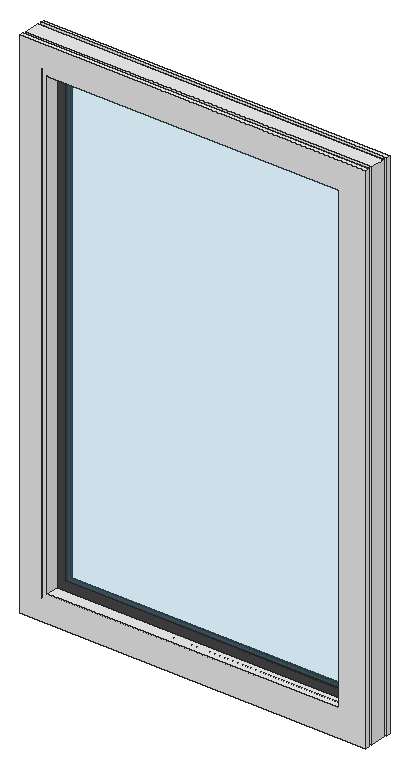
Revit family "Window_System_Solutions-NanaWall-SL-88_Fixed_Window", category Windows, host Wall, Revit 2013
Parameters (values of type "Fixed Window")
  Width = 36"
  Warranty URL = "http://www.nanawall.com/support/warranty"
  URL = "http://www.nanawall.com"
  Subcategory = "Window"  # constant formula
  Sash = Metal - NanaWall - Aluminum
  Rough Width = Width - 1 25/64"  # 34 39/64"
  Rough Height = Height - 1 25/64"  # 52 39/64"
  Product Page URL = "http://www.nanawall.com/products/sl80/matching-windows"
  Product Documentation Link = "http://www.nanawall.com/cad/configuration/details?id=24&name=SL88&typ=match&cid=458&key=Fixed%20Window"
  NanaWall Configurator = "http://www.nanawall.com/content/select-wizard"
  Model = "SL-88 Fixed Window"  # constant formula
  Material = ""
  Manufacturer Toll Free Phone = "(888) 411-NANA(6262)"  # constant formula
  Manufacturer Phone = "(415) 383-3148"  # constant formula
  Manufacturer Fax = "(415) 383-0312"  # constant formula
  Manufacturer Email = "mailto:info@nanawall.com"
  Manufacturer Address = "100 Meadowcreek Drive #250, Corte Madera, CA 94925"  # constant formula
  Manufacturer = "NanaWall Systems, Inc."  # constant formula
  Installation and Service URL = "http://www.nanawall.com/support/installer"
  Height = 54"
  Glazing Options = "http://www.nanawall.com/products/sl48/glazing"
  Glass Material = Glass - NanaWall - Generic
  Filler = Rubber - NanaWall - Black
  Exterior Wall Offset = 3"
  Disclaimer = "Please note that the Revit model is for schematic purposes only.  To obtain a detailed 3D model, please go to the NanaWall's configurator at www.nanawall.com."  # constant formula
  Description = "Monumental Aluminum Framed Matching Windows and Doors"  # constant formula
  Wall Closure = By host
  Default Sill Height = 30"
  Assembly Code = ""
  95 CSI = "8411"  # constant formula
  04 CSI = "08 52 00"  # constant formula
Reference planes (in)
  plane 1 "Center (Front/Back)": y = 0
  plane 2: z = 0
  plane 3 "Center (Left/Right)": x = 0
  plane 4 "Left": x = -18
  plane 5 "Right": x = 18
  plane 6 "Sill": z = 30
  plane 7 "Top": z = 84
  plane 8: y = 1.125
  plane 9: y = 2
  plane 10: x = -15.64063
  plane 11: x = 15.64062
Forms (in)
  Sweep 1, solid, material "Metal - NanaWall - Aluminum" <- "Sash"
    path origin (18, 2, 48) x (1, 0, 0) y (0, 0, 1)
      loop
        line (-36, 36) -> (-36, -18) -> (0, -18) -> (0, 36) -> (-36, 36)
    profile "Frame : Frame" origin (0, 2, 84) x (0, 0, 1) y (0, -1, 0)
      loop
        line (0, 1.5625) -> (-2.8125, 1.5625) -> (-2.8125, 0.27344) -> (-2.47266, 0.27344) -> (-2.47266, 0.42969) -> (-2.59766, 0.42969) -> (-2.59766, 0.83984) -> (-2.74609, 0.83984) -> (-2.74609, 1.48437) -> (-2.19922, 1.48437) -> (-2.19922, 1.27426) -> (-2.05786, 1.27426) -> (-2.0125, 1.02588) -> (-2.10937, 0.99992) -> (-2.10937, 0.1543) -> (-1.94827, 0.1543) -> (-1.94827, -0.1543) -> (-2.10937, -0.1543) -> (-2.10938, -0.68359) -> (-1.71484, -0.68359) -> (-1.71484, -1.09375) -> (-2.8125, -1.09375) -> (-2.8125, -1.28906)
        arc (-2.8125, -1.28906) -> (-2.73241, -1.48241) -> (-2.53906, -1.5625) r 0.27344
        line (-2.53906, -1.5625) -> (0, -1.5625) -> (0, -1.17188) -> (-0.23438, -1.17188) -> (-0.23438, -0.78125) -> (0, -0.78125) -> (0, 0.78125) -> (-0.23438, 0.78125) -> (-0.23438, 1.17187) -> (0, 1.17187) -> (0, 1.5625)
  Extrusion 2, void
    sketch origin (0, 0, 0) x (1, 0, 0) y (0, 0, 1)
      loop
        line (-18, 84) -> (-18, 30) -> (18, 30) -> (18, 84) -> (-18, 84)
    from -5 to 5
  Sweep 3, solid, material "Rubber - NanaWall - Black" <- "Filler"
    path origin (18, 2, 48) x (1, 0, 0) y (0, 0, 1)
      loop
        line (-36, 36) -> (-36, -18) -> (0, -18) -> (0, 36) -> (-36, 36)
    profile origin (0, 2, 84) x (0, 0, 1) y (0, -1, 0)
      loop
        line (-2.10937, -0.84354) -> (-2.10937, -0.03104) -> (-3.48437, -0.03104) -> (-3.48437, -0.18729) -> (-2.35937, -0.18729) -> (-2.35937, -0.68729) -> (-3.48437, -0.68729) -> (-3.48437, -0.84354) -> (-2.10937, -0.84354)
  Extrusion 4, solid, material "Glass - NanaWall - Generic" <- "Glass Material"
    sketch origin (-18, 0, 0) x (0, -1, 0) y (0, 0, 1)
      loop
        line (-2.68729, 81.64063) -> (-2.68729, 32.35937) -> (-2.18729, 32.35937) -> (-2.18729, 81.64063) -> (-2.68729, 81.64063)
    from -33.64063 to -2.35937
Lines and regions (in)
  Masking region 1
    outline origin (0, 0, 0) x (1, 0, 0) y (0, 1, 0)
      loop
        line (-18, 3.5625) -> (-18, 0.4375) -> (18, 0.4375) -> (18, 3.5625) -> (-18, 3.5625)
  Masking region 2
    outline origin (0, 0, 0) x (1, 0, 0) y (0, 1, 0)
      loop
        line (-15.89063, 2.84354) -> (-15.89063, 2.03104) -> (15.89063, 2.03104) -> (15.89063, 2.84354) -> (-15.89063, 2.84354)
  Masking region 3, detail levels medium+fine
    outline origin (0, 0, 0) x (1, 0, 0) y (0, 1, 0)
      loop
        line (-15.64063, 2.68729) -> (-15.64063, 2.18729) -> (15.64062, 2.18729) -> (15.64062, 2.68729) -> (-15.64063, 2.68729)
  symbolic lines, detail levels coarse+medium
    curve 1: line (-15.89063, 0.4375, 0) -> (-15.89063, 3.5625, 0)
    curve 2: line (15.89063, 0.4375, 0) -> (15.89063, 3.5625, 0)
Text (in)
  text "EXTERIOR" at (-58.6888, 50.90694, 0), in view "Ref. Level"
  text "INTERIOR" at (-58.6888, -37.76638, 0), in view "Ref. Level"
  text "Exterior" at (0, 43.65631, 123.19604), in view "Left"
  text "Exterior" at (0, 18.29385, 125.04747), in view "Right"
Dimensions and locks (in)
  equal spacing: plane 4 "Left", plane 3 "Center (Left/Right)", plane 5 "Right"
  "Width": plane 4 "Left" to plane 5 "Right"
  "Height": plane 6 "Sill" to plane 7 "Top"
  "Default Sill Height": plane 2 to plane 6 "Sill"
  locked: plane 8 to plane 9 at 0.875
  "Exterior Wall Offset": plane 9 to host wall
  Sweep 3 sketch curve to Sweep 3 sketch curve to Sweep 3 sketch curve to Sweep 3 sketch curve to plane 7 "Top" = 0" locked, 1 1/8" locked, 1/4" locked, 2 7/64" locked
  Sweep 3 sketch curve to Sweep 3 sketch curve to Sweep 3 sketch curve to Sweep 3 sketch curve to plane 9 = 5/32" locked, 1/2" locked, 5/32" locked, 0.03104" locked
  Extrusion 4 sketch curve to Extrusion 4 sketch curve to plane 9 = 1/2" locked, 0.18729" locked
  locked: Extrusion 4 sketch curve to plane 7 "Top" at 2.35937
  locked: plane 6 "Sill" to Extrusion 4 sketch curve at 2.35937
  locked: plane 11 to plane 5 "Right" at 2.35937
  locked: plane 4 "Left" to plane 10 at 2.35937
  nested 2 to Masking region 2 sketch curve to Masking region 2 sketch curve = 0.03104" locked, 13/16" locked
  locked: plane 11 to Masking region 2 sketch curve at 0.25
  locked: Masking region 2 sketch curve to plane 10 at 0.25
  plane 9 to Masking region 3 sketch curve to Masking region 3 sketch curve = 0.18729" locked, 1/2" locked
  Masking region 1 sketch curve to plane 9 to Masking region 1 sketch curve = 1 9/16" locked, 1 9/16" locked
  aligned and locked: level to plane 2
  aligned and locked: plane 7 "Top" to Sweep 1 sketch curve
  aligned and locked: plane 5 "Right" to Sweep 1 sketch curve
  aligned and locked: Sweep 1 sketch curve to plane 4 "Left"
  aligned and locked: Sweep 1 sketch curve to plane 6 "Sill"
  aligned and locked: plane 7 "Top" to Extrusion 2 sketch curve
  aligned and locked: Extrusion 2 sketch curve to plane 4 "Left"
  aligned and locked: Extrusion 2 sketch curve to plane 6 "Sill"
  aligned and locked: plane 5 "Right" to Extrusion 2 sketch curve
  aligned and locked: host wall to Extrusion 2  (x2)
  aligned and locked: plane 7 "Top" to Sweep 3 sketch curve
  aligned and locked: Sweep 3 sketch curve to plane 4 "Left"
  aligned and locked: nested 1 to plane 9
  aligned and locked: plane 9 to nested 2
  aligned and locked: nested 2 to plane 5 "Right"
  aligned and locked: plane 9 to nested 4
  aligned and locked: nested 4 to plane 7 "Top"
  aligned and locked: nested 3 to plane 6 "Sill"
  aligned and locked: nested 3 to plane 9
  aligned and locked: plane 11 to Extrusion 4
  aligned and locked: plane 10 to Extrusion 4
  aligned and locked: Masking region 1 sketch curve to nested 1
  aligned and locked: Masking region 1 sketch curve to nested 2
  aligned and locked: Masking region 3 sketch curve to plane 11
  aligned and locked: Masking region 3 sketch curve to plane 10
  aligned and locked: Sweep 1 to curve 1
  aligned and locked: Sweep 1 to curve 2
Automatic sketch dimensions
  plane 10 to curve 1 = 1/4"
  plane 11 to curve 2 = 1/4"
  curve 2 to host wall = 1 7/16"
  curve 1 to host wall = 1 7/16"
  plane 5 "Right" to Sweep 3 sketch curve = 0"
  Sweep 3 sketch curve to plane 6 "Sill" = 0"
Nested families (in)
  nested 1: "SL 88 Fixed Detail" at (-18, 2, 0) x (0, 1, 0) z (0, 0, 1), type "SL 88 Fixed Detail", detail levels fine
  nested 2: "SL 88 Fixed Detail" at (18, 2, 0) x (0, 1, 0) z (0, 0, 1), type "SL 88 Fixed Detail", detail levels fine
  nested 3: "SL 88 Fixed Detail" at (-18, 2, 30) x (0, 1, 0) z (-1, 0, 0), type "SL 88 Fixed Detail", detail levels fine
  nested 4: "SL 88 Fixed Detail" at (-18, 2, 84) x (0, 1, 0) z (-1, 0, 0), type "SL 88 Fixed Detail", detail levels fine
Definition of nested family "SL 88 Fixed Detail"
  Reference planes (in)
    plane 1 "Center (Front/Back)": y = 0
    plane 2: z = 0
    plane 3 "Center (Left/Right)": x = 0
  Lines and regions (in)
    detail lines, in view "Ref. Level"
      curve 1: line (-1.5625, -2.10937, 0) -> (-1.5625, 0, 0)
      curve 2: line (-1.5625, -2.8125, 0) -> (-1.5625, 0, 0)
      curve 3: line (-1.17187, -0.05859, 0) -> (-1.17187, 0, 0)
      curve 4: line (-1.26953, -0.05859, 0) -> (-1.17187, -0.05859, 0)
      curve 5: line (-1.26953, -0.23437, 0) -> (-1.26953, -0.05859, 0)
      curve 6: line (-0.68359, -0.23437, 0) -> (-1.26953, -0.23437, 0)
      curve 7: line (-0.68359, -0.23437, 0) -> (-0.68359, -0.05859, 0)
      curve 8: line (-0.68359, -0.05859, 0) -> (-0.78125, -0.05859, 0)
      curve 9: line (-0.78125, -0.05859, 0) -> (-0.78125, 0, 0)
      curve 10: line (-0.78125, 0, 0) -> (-0.43109, 0, 0)
      curve 11: line (-0.48852, -0.09947, 0) -> (-0.43109, 0, 0)
      curve 12: line (-0.48852, -0.09947, 0) -> (-0.38817, -0.19982, 0)
      curve 13: line (-0.29102, -0.02403, 0) -> (-0.1582, -0.02403, 0)
      curve 14: line (-0.38817, -0.19982, 0) -> (-0.24414, -0.19982, 0)
      curve 15: line (-0.24414, -0.19982, 0) -> (-0.24414, -0.0631, 0)
      curve 16: line (-0.24414, -0.0631, 0) -> (-0.29102, -0.0631, 0)
      curve 17: line (-0.20508, -0.0631, 0) -> (-0.1582, -0.0631, 0)
      curve 18: line (-0.20508, -0.0631, 0) -> (-0.20508, -0.19982, 0)
      curve 19: line (-0.20508, -0.19982, 0) -> (0.20508, -0.19982, 0)
      curve 20: line (0.20508, -0.19982, 0) -> (0.20508, -0.0631, 0)
      curve 21: line (0.20508, -0.0631, 0) -> (0.1582, -0.0631, 0)
      curve 22: line (0.1582, -0.02403, 0) -> (0.29102, -0.02403, 0)
      curve 23: line (0.29102, -0.0631, 0) -> (0.24414, -0.0631, 0)
      curve 24: line (0.24414, -0.0631, 0) -> (0.24414, -0.19982, 0)
      curve 25: line (0.24414, -0.19982, 0) -> (0.38817, -0.19982, 0)
      curve 26: line (0.38817, -0.19982, 0) -> (0.4886, -0.09939, 0)
      curve 27: line (0.4886, -0.09939, 0) -> (0.43122, 0, 0)
      curve 28: line (0.78125, 0, 0) -> (0.43122, 0, 0)
      curve 29: line (0.78125, 0, 0) -> (0.78125, -0.05859, 0)
      curve 30: line (0.78125, -0.05859, 0) -> (0.68359, -0.05859, 0)
      curve 31: line (0.68359, -0.05859, 0) -> (0.68359, -0.23437, 0)
      curve 32: line (0.68359, -0.23437, 0) -> (1.26953, -0.23438, 0)
      curve 33: line (1.26953, -0.23438, 0) -> (1.26953, -0.05859, 0)
      curve 34: line (1.26953, -0.05859, 0) -> (1.17188, -0.05859, 0)
      curve 35: line (1.17188, -0.05859, 0) -> (1.17188, 0, 0)
      curve 36: line (1.17188, 0, 0) -> (1.37891, 0, 0)
      curve 37: line (1.5625, 0, 0) -> (1.5625, -2.53906, 0)
      curve 38: line (-1.5625, -2.8125, 0) -> (-0.27344, -2.8125, 0)
      curve 39: line (-0.27344, -2.8125, 0) -> (-0.27344, -2.71484, 0)
      curve 40: line (-0.42969, -2.47266, 0) -> (-0.27344, -2.47266, 0)
      curve 41: line (-0.42969, -2.59766, 0) -> (-0.42969, -2.47266, 0)
      curve 42: line (-0.42969, -2.59766, 0) -> (-0.83984, -2.59766, 0)
      curve 43: line (-0.83984, -2.74609, 0) -> (-0.83984, -2.59766, 0)
      curve 44: line (-0.83984, -2.74609, 0) -> (-1.48438, -2.74609, 0)
      curve 45: line (-1.48438, -2.74609, 0) -> (-1.48438, -2.19922, 0)
      curve 46: line (-1.48438, -2.19922, 0) -> (-1.27426, -2.19922, 0)
      curve 47: line (-1.27426, -2.05786, 0) -> (-1.02588, -2.0125, 0)
      curve 48: line (-1.02588, -2.0125, 0) -> (-0.99992, -2.10937, 0)
      curve 49: line (-0.99992, -2.10937, 0) -> (-0.4425, -2.10937, 0)
      curve 50: line (-0.49851, -2.01236, 0) -> (-0.4425, -2.10937, 0)
      curve 51: line (-0.49851, -2.01236, 0) -> (-0.3224, -1.94827, 0)
      curve 52: line (-0.24414, -1.94827, 0) -> (-0.24414, -2.10452, 0)
      curve 53: line (-0.24414, -2.10452, 0) -> (-0.1543, -2.10452, 0)
      curve 54: line (-0.1543, -2.06545, 0) -> (-0.20508, -2.06545, 0)
      curve 55: line (-0.20508, -2.06545, 0) -> (-0.20508, -1.94827, 0)
      curve 56: line (-0.20508, -1.94827, 0) -> (0.20508, -1.94827, 0)
      curve 57: line (0.3224, -1.94827, 0) -> (0.24414, -1.94827, 0)
      curve 58: line (0.3224, -1.94827, 0) -> (0.49995, -2.01289, 0)
      curve 59: line (0.49995, -2.01289, 0) -> (0.43729, -2.10937, 0)
      curve 60: line (-0.3224, -1.94827, 0) -> (-0.24414, -1.94827, 0)
      curve 61: line (-0.44707, -1.88052, 0) -> (-0.35425, -1.71975, 0)
      curve 62: line (-0.35425, -1.71975, 0) -> (-0.3125, -1.54397, 0)
      curve 63: line (-0.3125, -1.54397, 0) -> (0.3125, -1.54397, 0)
      curve 64: line (-0.44707, -1.88052, 0) -> (-0.60547, -1.77765, 0)
      curve 65: line (-0.60547, -0.93085, 0) -> (-0.60547, -0.34984, 0)
      curve 66: line (-0.60547, -0.34984, 0) -> (-0.41328, -0.23888, 0)
      curve 67: line (-0.41328, -0.23888, 0) -> (-0.27256, -0.23888, 0)
      curve 68: line (-0.27256, -0.23888, 0) -> (-0.27256, -1.1256, 0)
      curve 69: line (-0.27256, -1.1256, 0) -> (-0.36445, -1.1256, 0)
      curve 70: line (-0.36445, -1.1256, 0) -> (-0.44564, -0.98497, 0)
      curve 71: line (-0.60547, -0.93085, 0) -> (-0.51172, -0.98497, 0)
      curve 72: line (-0.51172, -0.98497, 0) -> (-0.44564, -0.98497, 0)
      curve 73: line (-0.60547, -1.11631, 0) -> (-0.5167, -1.06507, 0)
      curve 74: line (-0.5167, -1.06507, 0) -> (-0.47156, -1.06507, 0)
      curve 75: line (-0.41406, -1.16466, 0) -> (-0.47156, -1.06507, 0)
      curve 76: line (-0.41406, -1.16466, 0) -> (0.60547, -1.16466, 0)
      curve 77: line (-1.48437, -0.30469, 0) -> (-0.68359, -0.30469, 0)
      curve 78: line (-0.68359, -0.30469, 0) -> (-0.68359, -1.64453, 0)
      curve 79: line (-0.68359, -2.03906, 0) -> (-0.86719, -2.03906, 0)
      curve 80: line (-0.86719, -2.03906, 0) -> (-0.86719, -1.84375, 0)
      curve 81: line (-1.48438, -1.84375, 0) -> (-0.86719, -1.84375, 0)
      curve 82: line (-1.48438, -1.84375, 0) -> (-1.48438, -1.71484, 0)
      curve 83: line (0.68359, -0.30469, 0) -> (0.68359, -1.64453, 0)
      curve 84: line (0.68359, -1.64453, 0) -> (1.48437, -1.64453, 0)
      curve 85: line (1.48437, -1.64453, 0) -> (1.48438, -0.30469, 0)
      curve 86: line (1.48438, -0.30469, 0) -> (0.68359, -0.30469, 0)
      curve 87: line (1.15234, -1.71484, 0) -> (1.48437, -1.71484, 0)
      curve 88: line (1.48437, -1.71484, 0) -> (1.48437, -1.96094, 0)
      curve 89: line (1.26953, -2.73438, 0) -> (1.26953, -2.42139, 0)
      curve 90: line (1.15234, -2.42139, 0) -> (1.26953, -2.42139, 0)
      curve 91: line (1.15234, -2.42139, 0) -> (1.15234, -2.01953, 0)
      curve 92: arc (1.48437, -2.53906, 0) -> (1.41992, -2.68398, 0) -> (1.26953, -2.73438, 0) r 0.19693
      curve 93: arc (1.28906, -2.8125, 0) -> (1.48241, -2.73241, 0) -> (1.5625, -2.53906, 0) r 0.27344
      curve 94: line (1.09375, -2.8125, 0) -> (1.09375, -2.71484, 0)
      curve 95: line (1.09375, -1.71484, 0) -> (0.68359, -1.71484, 0)
      curve 96: line (0.68359, -1.71484, 0) -> (0.68359, -2.10937, 0)
      curve 97: line (0.60547, -1.16466, 0) -> (0.60547, -1.77765, 0)
      curve 98: line (-1.48438, -2.04063, 0) -> (-0.96754, -1.94626, 0)
      curve 99: line (-0.96754, -1.94626, 0) -> (-0.9375, -2.05838, 0)
      curve 100: line (-1.48438, -2.04063, 0) -> (-1.48438, -1.91406, 0)
      curve 101: line (-1.48438, -1.91406, 0) -> (-0.9375, -1.91406, 0)
      curve 102: line (-0.9375, -1.91406, 0) -> (-0.9375, -2.05838, 0)
      curve 103: line (1.28906, -2.8125, 0) -> (1.09375, -2.8125, 0)
      curve 104: line (-1.27426, -2.05786, 0) -> (-1.27426, -2.19922, 0)
      curve 105: line (-0.29102, -0.0631, 0) -> (-0.29102, -0.02403, 0)
      curve 106: line (-0.1582, -0.02403, 0) -> (-0.1582, -0.0631, 0)
      curve 107: line (0.1582, -0.02403, 0) -> (0.1582, -0.0631, 0)
      curve 108: line (0.29102, -0.02403, 0) -> (0.29102, -0.0631, 0)
      curve 109: line (-0.60547, -1.77765, 0) -> (-0.60547, -1.11631, 0)
      curve 110: line (-0.1543, -2.10452, 0) -> (-0.1543, -2.06545, 0)
      curve 111: line (0.24414, -1.94827, 0) -> (0.24414, -2.10452, 0)
      curve 112: line (0.24414, -2.10452, 0) -> (0.1543, -2.10452, 0)
      curve 113: line (0.1543, -2.06545, 0) -> (0.20508, -2.06545, 0)
      curve 114: line (0.20508, -2.06545, 0) -> (0.20508, -1.94827, 0)
      curve 115: line (0.1543, -2.10452, 0) -> (0.1543, -2.06545, 0)
      curve 116: line (0.68359, -2.10937, 0) -> (0.43729, -2.10937, 0)
      curve 117: line (0.44707, -1.88052, 0) -> (0.35425, -1.71975, 0)
      curve 118: line (0.35425, -1.71975, 0) -> (0.3125, -1.54397, 0)
      curve 119: line (0.44707, -1.88052, 0) -> (0.60547, -1.77765, 0)
      curve 120: line (0.60547, -0.93085, 0) -> (0.60547, -0.34984, 0)
      curve 121: line (0.60547, -0.34984, 0) -> (0.41328, -0.23888, 0)
      curve 122: line (0.41328, -0.23888, 0) -> (0.27256, -0.23888, 0)
      curve 123: line (0.27256, -0.23888, 0) -> (0.27256, -1.1256, 0)
      curve 124: line (0.27256, -1.1256, 0) -> (0.36445, -1.1256, 0)
      curve 125: line (0.36445, -1.1256, 0) -> (0.44564, -0.98497, 0)
      curve 126: line (0.60547, -0.93085, 0) -> (0.51172, -0.98497, 0)
      curve 127: line (0.51172, -0.98497, 0) -> (0.44564, -0.98497, 0)
      curve 128: line (-1.48438, -1.64453, 0) -> (-1.38672, -1.64453, 0)
      curve 129: line (-1.48438, -1.71484, 0) -> (-1.38672, -1.71484, 0)
      curve 130: line (-1.38672, -1.71484, 0) -> (-1.38672, -1.64453, 0)
      curve 131: line (-0.68359, -1.64453, 0) -> (-0.78125, -1.64453, 0)
      curve 132: line (-0.78125, -1.64453, 0) -> (-0.78125, -1.71484, 0)
      curve 133: line (-0.78125, -1.71484, 0) -> (-0.68359, -1.71484, 0)
      curve 134: line (1.33594, -0.03906, 0) -> (1.37891, -0.03906, 0)
      curve 135: line (1.37891, 0, 0) -> (1.37891, -0.03906, 0)
      curve 136: line (1.33594, -0.03906, 0) -> (1.33594, -0.20703, 0)
      curve 137: line (1.33594, -0.20703, 0) -> (1.50391, -0.20703, 0)
      curve 138: line (1.50391, -0.20703, 0) -> (1.50391, 0, 0)
      curve 139: line (1.15234, -2.01953, 0) -> (1.23047, -2.01953, 0)
      curve 140: line (1.15234, -1.96094, 0) -> (1.23047, -1.96094, 0)
      curve 141: line (1.23047, -1.96094, 0) -> (1.23047, -2.01953, 0)
      curve 142: line (1.48437, -2.42139, 0) -> (1.40625, -2.42139, 0)
      curve 143: line (1.40625, -2.42139, 0) -> (1.40625, -2.48047, 0)
      curve 144: line (1.48437, -2.48047, 0) -> (1.40625, -2.48047, 0)
      curve 145: line (1.48437, -2.01953, 0) -> (1.40625, -2.01953, 0)
      curve 146: line (1.48437, -1.96094, 0) -> (1.40625, -1.96094, 0)
      curve 147: line (1.40625, -2.01953, 0) -> (1.40625, -1.96094, 0)
      curve 148: line (1.09375, -2.10938, 0) -> (0.97905, -2.10938, 0)
      curve 149: line (1.09375, -2.05078, 0) -> (0.97905, -2.05078, 0)
      curve 150: line (0.97905, -2.05078, 0) -> (0.97905, -2.10938, 0)
      curve 151: line (-0.3125, -2.55859, 0) -> (-0.27344, -2.55859, 0)
      curve 152: line (-0.3125, -2.55859, 0) -> (-0.3125, -2.51953, 0)
      curve 153: line (-0.3125, -2.51953, 0) -> (-0.39063, -2.51953, 0)
      curve 154: line (-0.39063, -2.51953, 0) -> (-0.39063, -2.75391, 0)
      curve 155: line (-0.39063, -2.75391, 0) -> (-0.3125, -2.75391, 0)
      curve 156: line (-0.3125, -2.75391, 0) -> (-0.3125, -2.71484, 0)
      curve 157: line (-0.3125, -2.71484, 0) -> (-0.27344, -2.71484, 0)
      curve 158: line (1.09375, -2.71484, 0) -> (1.13281, -2.71484, 0)
      curve 159: line (1.13281, -2.71484, 0) -> (1.13281, -2.76346, 0)
      curve 160: line (1.13281, -2.76346, 0) -> (1.21094, -2.76346, 0)
      curve 161: line (1.21094, -2.76346, 0) -> (1.21094, -2.48047, 0)
      curve 162: line (1.21094, -2.48047, 0) -> (1.13281, -2.48047, 0)
      curve 163: line (1.13281, -2.48047, 0) -> (1.13281, -2.55859, 0)
      curve 164: line (1.13281, -2.55859, 0) -> (1.09375, -2.55859, 0)
      curve 165: line (1.09375, -2.55859, 0) -> (1.09375, -2.10938, 0)
      curve 166: line (1.48437, -2.01953, 0) -> (1.48437, -2.42139, 0)
      curve 167: line (1.48437, -2.48047, 0) -> (1.48437, -2.53906, 0)
      curve 168: line (1.15234, -1.96094, 0) -> (1.15234, -1.71484, 0)
      curve 169: line (1.09375, -2.05078, 0) -> (1.09375, -1.71484, 0)
      curve 170: line (-0.27344, -2.55859, 0) -> (-0.27344, -2.47266, 0)
      curve 171: line (-1.48438, -1.64453, 0) -> (-1.48437, -0.30469, 0)
      curve 172: line (-0.68359, -1.71484, 0) -> (-0.68359, -2.03906, 0)
      curve 173: line (1.50391, 0, 0) -> (1.5625, 0, 0)
      curve 174: line (-1.17187, 0, 0) -> (-1.37891, 0, 0)
      curve 175: line (-1.33594, -0.03906, 0) -> (-1.37891, -0.03906, 0)
      curve 176: line (-1.37891, 0, 0) -> (-1.37891, -0.03906, 0)
      curve 177: line (-1.33594, -0.03906, 0) -> (-1.33594, -0.20703, 0)
      curve 178: line (-1.33594, -0.20703, 0) -> (-1.50391, -0.20703, 0)
      curve 179: line (-1.50391, -0.20703, 0) -> (-1.50391, 0, 0)
      curve 180: line (-1.50391, 0, 0) -> (-1.5625, 0, 0)
